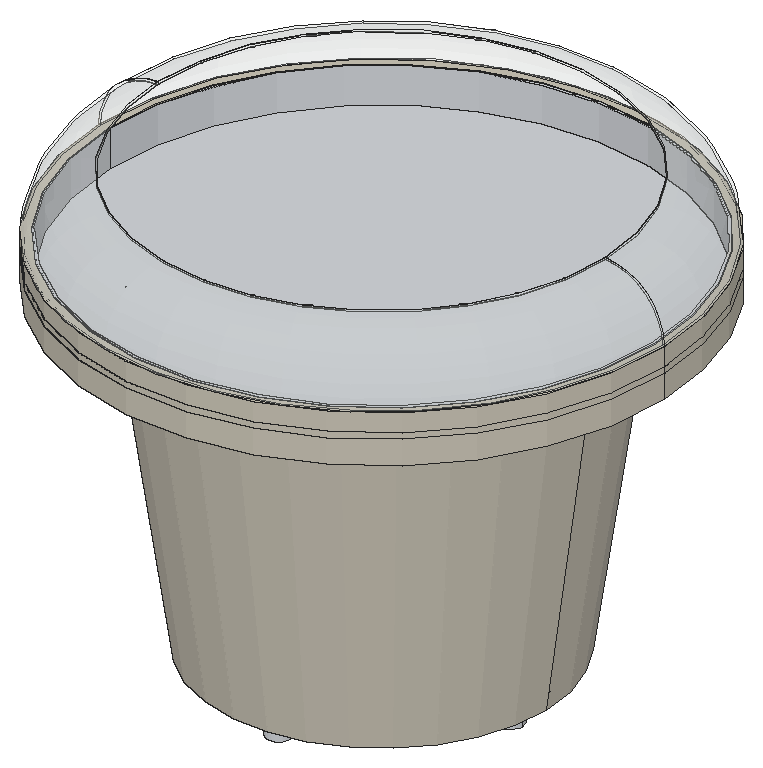
Revit family
Parameters (values of type "ISM-4-SC")
  DIA = 4' - 0"
Reference planes (in)
  plane 1 "Center (Front/Back)": y = 0
  plane 2: z = 0
  plane 3 "Center (Left/Right)": x = 0
  plane 4: z = 38.116
  plane 5: y = -24
  plane 6: y = 24
  plane 7: z = 29.116
  plane 8: z = 2
  plane 9: y = -18
  plane 10: y = 18
  plane 11: y = -14
  plane 12: y = 14
  plane 13: z = 31.116
  plane 14: z = 33.116
  plane 15: y = 19
  plane 16: y = -19
  plane 17: z = 30.116
  plane 18: y = -18.5
  plane 19: y = 18.5
  plane 20: z = 28.116
  plane 21: through (-240, 14, 2) normal (0, 0.9893, -0.1459)
  plane 22: x = -24
  plane 23: x = 24
Forms (in)
  Sweep 1, solid
    path origin (0, 0, 0) x (1, 0, 0) y (0, 1, 0)
      loop
        circle (0, 0) r 18.5
    profile origin (0, 18.5, 0) x (0, -1, 0) y (0, 0, 1)
      loop
        line (0.5, 29.116) -> (0, 29.116) -> (0, 28.116) -> (0.64751, 28.116) -> (0.5, 29.116)
  Sweep 2, solid, material "Glass"
    path origin (0, 0, 0) x (1, 0, 0) y (0, 1, 0)
      loop
        circle (0, 0) r 24
    profile origin (0, 24, 0) x (0, -1, 0) y (0, 0, 1)
      loop
        line (0, 33.116) -> (0.17805, 33.116)
        arc (0.17805, 33.116) -> (1.59037, 36.52563) -> (5, 37.93795) r 4.82195
        arc (5, 37.93795) -> (5.08902, 38.02698) -> (5, 38.116) r 0.08902
        arc (5, 38.116) -> (1.46447, 36.65153) -> (0, 33.116) r 5
  Sweep 3, solid, material "604 MYSTIC GREY"
    path origin (0, 0, 0) x (1, 0, 0) y (0, 1, 0)
      loop
        circle (0, 0) r 24
    profile origin (0, 24, 0) x (0, -1, 0) y (0, 0, 1)
      loop
        line (0, 33.116) -> (0, 31.616) -> (0.75, 31.616) -> (0.75, 33.116) -> (0, 33.116)
      loop
        line (0, 29.116) -> (0.75, 29.116) -> (0.75, 31.116) -> (0, 31.116) -> (0, 29.116)
  Sweep 4, solid, material "604 MYSTIC GREY"
    path origin (0, 0, 0) x (1, 0, 0) y (0, 1, 0)
      loop
        circle (0, 0) r 24
    profile origin (0, 24, 0) x (0, -1, 0) y (0, 0, 1)
      loop
        line (0, 31.116) -> (0.75, 31.116) -> (0.75, 31.616) -> (0, 31.616) -> (0, 31.116)
      loop
        line (6, 29.116) -> (10, 2) -> (11, 2) -> (7, 29.116) -> (6, 29.116)
  Extrusion 5, solid
    sketch origin (0, 0, 0) x (1, 0, 0) y (0, 1, 0)
      loop
        circle (0, 0) r 23.25
    from 29.116 to 30.116
  Sweep 6, solid
    path origin (0, 0, 0) x (1, 0, 0) y (0, 1, 0)
      loop
        circle (0, 0) r 24
    profile origin (0, 24, 0) x (0, -1, 0) y (0, 0, 1)
      loop
        line (0.75, 30.116) -> (0.93658, 30.116) -> (0.93658, 33.116) -> (0.75, 33.116) -> (0.75, 30.116)
  Extrusion 7, solid
    sketch origin (0, 0, 0) x (1, 0, 0) y (0, 1, 0)
      loop
        circle (0, 0) r 13
    from 2 to 3.16579
  Extrusion 8, solid
    sketch origin (0, 0, 0) x (1, 0, 0) y (0, 1, 0)
      loop
        circle (0, -10.93672) r 1
      loop
        circle (0, 11.06328) r 1
      loop
        circle (-11.06328, 0) r 1
      loop
        circle (10.93672, 0) r 1
    from 0 to 2
  Extrusion 9, void
    sketch origin (0, 0, 0) x (1, 0, 0) y (0, 1, 0)
      loop
        line (-6.00527, 4.48247) -> (-6.00527, -4.58929) -> (5.99473, -4.58929) -> (5.99473, 4.48247) -> (-6.00527, 4.48247)
    from 2 to 2.72108
  Extrusion 10, solid
    sketch origin (0, 0, 0) x (1, 0, 0) y (0, 1, 0)
      loop
        circle (2.8068, 2.14445) r 0.375
      loop
        circle (2.8068, 2.14445) r 0.36192
    from 2.32396 to 2.72108
Cuts and joins
  Extrusion 9 cuts Sweep 4
  Extrusion 9 cuts Extrusion 7
  Extrusion 9 cuts Extrusion 8
Lines and regions (in)
  symbolic lines
    curve 1: circle (0, 0, 0) r 24 normal (0, 0, 1)
Dimensions and locks (in)
  "DIA": plane 22 to plane 23
  locked: plane 4 to level at 38.116
  aligned and locked: plane 6 to Sweep 3 sketch curve  (x2)
  aligned and locked: Sweep 3 sketch curve to Sweep 2
  aligned and locked: profile plane to Sweep 4 sketch curve
  aligned and locked: Sweep 4 sketch curve to Sweep 3  (x2)
  aligned and locked: plane 17 to Extrusion 5
  aligned and locked: Extrusion 5 to plane 7
  aligned and locked: plane 8 to Extrusion 7
  aligned and locked: Extrusion 8 to plane 8
Automatic sketch dimensions
  plane 1 "Center (Front/Back)" to Sweep 1 sketch curve = 0' - 0"
  Sweep 1 sketch curve to plane 3 "Center (Left/Right)" = 0' - 0"
  Sweep 1 sketch curve to profile plane = 0' - 0"
  Sweep 1 sketch curve to plane 21 = 0' - 0"
  plane 21 to Sweep 1 sketch curve = 0' - 0"
  Sweep 1 sketch curve to profile plane = 0' - 0 1/2"
  Sweep 1 sketch curve to profile plane = 0' - 0.64751"
  plane 1 "Center (Front/Back)" to Sweep 2 sketch curve = 0' - 0"
  Sweep 2 sketch curve to plane 3 "Center (Left/Right)" = 0' - 0"
  Sweep 2 sketch curve to Sweep 2 sketch curve = 0' - 0"  (x3)
  Sweep 2 sketch curve to profile plane = 0' - 0"
  Sweep 2 sketch curve to Sweep 2 sketch curve = 0' - 0.17805"
  Sweep 2 sketch curve to profile plane = 0' - 5"
  level to Sweep 2 sketch curve = 2' - 9.116"
  Sweep 2 sketch curve to Sweep 2 sketch curve = 0' - 0.08902"
  plane 1 "Center (Front/Back)" to Sweep 3 sketch curve = 0' - 0"
  Sweep 3 sketch curve to plane 3 "Center (Left/Right)" = 0' - 0"
  Sweep 3 sketch curve to profile plane = 0' - 0 3/4"  (x2)
  Sweep 3 sketch curve to Sweep 3 sketch curve = 0' - 1 1/2"
  Sweep 3 sketch curve to Sweep 3 sketch curve = 0' - 0 1/2"
  Sweep 3 sketch curve to Sweep 3 sketch curve = 0' - 2"
  plane 1 "Center (Front/Back)" to Sweep 4 sketch curve = 0' - 0"
  Sweep 4 sketch curve to plane 3 "Center (Left/Right)" = 0' - 0"
  Sweep 4 sketch curve to profile plane = 0' - 0 3/4"
  Sweep 4 sketch curve to Sweep 4 sketch curve = 0' - 5 1/4"
  Sweep 4 sketch curve to Sweep 4 sketch curve = 0' - 1"  (x2)
  level to Sweep 4 sketch curve = 0' - 2"
  Sweep 4 sketch curve to profile plane = 0' - 10"
  Sweep 4 sketch curve to Sweep 4 sketch curve = 0' - 2"
  Sweep 4 sketch curve to Sweep 4 sketch curve = 0' - 0 1/2"
  plane 1 "Center (Front/Back)" to Extrusion 5 sketch curve = 0' - 0"
  Extrusion 5 sketch curve to plane 3 "Center (Left/Right)" = 0' - 0"
  plane 1 "Center (Front/Back)" to Sweep 6 sketch curve = 0' - 0"
  Sweep 6 sketch curve to plane 3 "Center (Left/Right)" = 0' - 0"
  Sweep 6 sketch curve to profile plane = 0' - 0 3/4"
  Sweep 6 sketch curve to Sweep 6 sketch curve = 0' - 0.18658"
  level to Sweep 6 sketch curve = 2' - 6.116"
  Sweep 6 sketch curve to Sweep 6 sketch curve = 0' - 3"
  plane 1 "Center (Front/Back)" to Extrusion 7 sketch curve = 0' - 0"
  Extrusion 7 sketch curve to plane 3 "Center (Left/Right)" = 0' - 0"
  plane 1 "Center (Front/Back)" to Extrusion 8 sketch curve = 0' - 0"  (x2)
  Extrusion 8 sketch curve to plane 3 "Center (Left/Right)" = 0' - 0"  (x2)
  Extrusion 8 sketch curve to plane 3 "Center (Left/Right)" = 0' - 11.06328"
  plane 3 "Center (Left/Right)" to Extrusion 8 sketch curve = 0' - 10.93672"
  Extrusion 8 sketch curve to plane 11 = 0' - 3.06328"
  Extrusion 8 sketch curve to plane 12 = 0' - 2.93672"
  Extrusion 9 sketch curve to plane 3 "Center (Left/Right)" = 0' - 6.00527"
  plane 3 "Center (Left/Right)" to Extrusion 9 sketch curve = 0' - 5.99473"
  plane 1 "Center (Front/Back)" to Extrusion 9 sketch curve = 0' - 4.58929"
  Extrusion 9 sketch curve to plane 1 "Center (Front/Back)" = 0' - 4.48247"
  Extrusion 10 sketch curve to Extrusion 10 sketch curve = 0' - 0"  (x2)
  plane 3 "Center (Left/Right)" to Extrusion 10 sketch curve = 0' - 2.8068"
  Extrusion 10 sketch curve to plane 1 "Center (Front/Back)" = 0' - 2.14445"
  plane 1 "Center (Front/Back)" to curve 1 = 0' - 0"
  curve 1 to plane 3 "Center (Left/Right)" = 0' - 0"
  radius of Sweep 1 sketch curve = 1' - 6 1/2"
  radius of Sweep 2 sketch curve = 2' - 0"
  radius of Sweep 3 sketch curve = 2' - 0"
  radius of Sweep 4 sketch curve = 2' - 0"
  radius of Extrusion 5 sketch curve = 1' - 11 1/4"
  radius of Sweep 6 sketch curve = 2' - 0"
  radius of Extrusion 7 sketch curve = 1' - 1"
  radius of Extrusion 8 sketch curve = 0' - 1"  (x4)
  radius of Extrusion 10 sketch curve = 0' - 0 3/8"
  radius of Extrusion 10 sketch curve = 0' - 0.36192"
  radius of curve 1 = 2' - 0"
Nested families (in)
  nested 1: "Label Annotation 3-32" at (0, 8.94338, 0), type "Label Annotation 3-32"
Connectors (in)
  electrical at (2.8068, 2.14445, 2.32396)
    settings: on Extrusion 10, index 1, voltage 120 V, apparent load 0 VA, apparent load phase1 0 VA, apparent load phase2 0 VA, apparent load phase3 0 VA, power factor 1, load classification "Power", number of poles 1, system type 30, power factor state 1, is connector primary yes, connector utility no, sub classification motor no, connector description "120V"
Definition of nested family "Label Annotation 3-32"
  Parameters
    Label = ""
  Reference planes (in)
    plane 1: y = 0
    plane 2: x = 0
  Text (in)
    label "Label" at (0.00375, -0.00345, 0), shows "Label"
